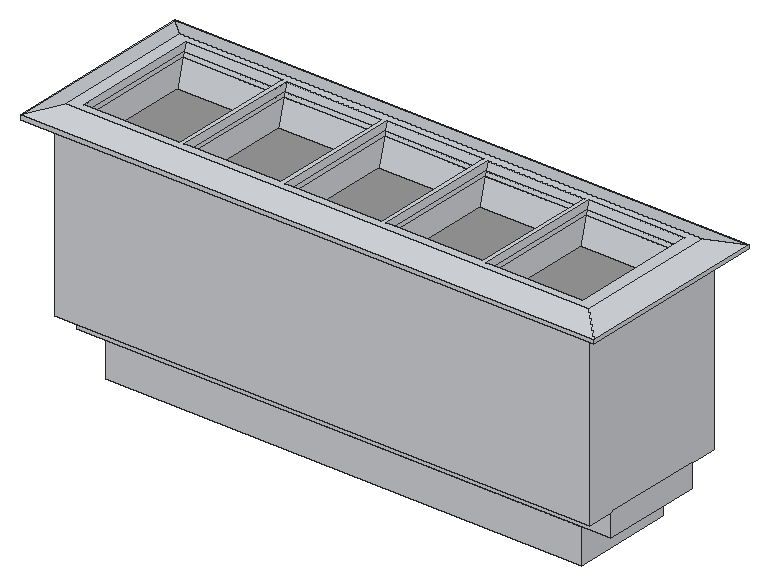
Revit family "2061423 Sylvania Lighting Fixture DOMINO 5xLED 930 BLACK MB TRIM BLACK DALI", category Lighting Fixtures, host Face, Revit 2018
Family settings
  Host = Face
  Round Connector Dimension = Use Diameter
  Part Type = Normal
  OmniClass Number = 23.80.70.00
  OmniClass Title = Lighting
  Cut with Voids When Loaded = No
  Light Source = Yes
  Shared = No
  Room Calculation Point = No
Parameters (values of type "2061423 DOMINO 5XLED 930 BLACK MB TR BLK DALI")
  top top width = 15.812 mm
  top top length = 123 mm
  Width = 50 mm
  Weight = "n/a"
  Wattage Comments = ""
  Wattage = 9.2903 W
  WarrantyStartDate [instance] = "n/a"
  WarrantyGuarantorParts = "n/a"
  WarrantyDurationUnit = "n/a"
  WarrantyDurationParts = ""
  WarrantyDescription = "http://www.sylvania-lighting.com"
  built-in parameter 1150110 = 1 (stored number, unit not read)
  Voltage = 0 V
  URL = "0.96"
  TypeName = "DOMINO 5xLED 930 BLACK MB TRIM BLACK DALI"
  Type Image = <None>
  Type Comments = "n/a"
  built-in parameter 1114217 = 1 (stored number, unit not read)
  Top Width = 26 mm
  Tilt Angle = 90.00°
  built-in parameter 1150109 = 1 (stored number, unit not read)
  built-in parameter 1150134 = 3
  built-in parameter 1150113 = 1 (stored number, unit not read)
  SerialNumber [instance] = "n/a"
  Recessed Width = 43 mm
  Recessed Length = 143 mm
  Photometric Web File = "2061423.ies"
  Material_3_FEILO = none
  PowerFactor = 0
  PowerConsumption = "Lighting"
  NominalLength = 50 mm
  NominalHeight = 0 mm
  NominalDepth = 0 mm
  Name = "DOMINO 5xLED 930 BLACK MB TRIM BLACK DALI"
  ModelReference = Name  # "DOMINO 5xLED 930 BLACK MB TRIM BLACK DALI"
  ModelNumber = "2061423"
  Model = Name  # "DOMINO 5xLED 930 BLACK MB TRIM BLACK DALI"
  Material = "Feilo Sylvania"
  ManufacturerName = "58 lm/W"
  Manufacturer = ""
  LuminousEfficacy = ""
  built-in parameter 1150105 = 109.82 (stored number, unit not read)
  Lumens = 1380 lm
  LuminaireType = "0"
  built-in parameter 1150115 = 1 (stored number, unit not read)
  LightOutputRatio = "LED"
  built-in parameter 1150137 = (empty or 0)
  built-in parameter 1150139 = (empty or 0)
  Lens inside recess = 25 mm
  Lens Width = 32 mm
  Lens Outside recess = 31.978 mm
  Lens = Glass, White, High Luminance
  Length = 148 mm
  LampsType = Lamp  # "n/a"
  LampNominalLuminous = "3000 K"
  LampMacAdamStep = "90"
  LampColourTemperature = "LED"
  LampColourRenderingIndex = "16500"
  built-in parameter 1150112 = 1 (stored number, unit not read)
  built-in parameter 1150114 = 1 (stored number, unit not read)
  Lamp = "n/a"
  Keynote = "n/a"
  InstallationDate [instance] = "n/a"
  InputVoltage = "0"
  InputNominalFrequency = "3000"
  built-in parameter 1150132 = (empty or 0)
  built-in parameter 1150102 = (empty or 0)
  built-in parameter 1150107 = 3200 (stored number, unit not read)
  built-in parameter 1150138 = (empty or 0)
  IngressProtection = "IfcLightFixtureType"
  ImpactProtectionIndex = "IfcLightFixtureType"
  built-in parameter 1150106 = 1.0982 (stored number, unit not read)
  IfcExportType = "IfcLightFixtureType"
  IfcExportAs = "Class II"
  Facia internal width = 37 mm
  Facia internal length = 135 mm
  Facia Height = 2 mm
  ExpectedLife = 50000
  Emit from Circle Diameter = 609.6 mm
  Emit Shape Visible in Rendering = no
  ElectricShockClassification = "58"
  built-in parameter 1150104 = 13.8 (stored number, unit not read)
  DurationUnit = "hours"
  DocumentationLiterature = "http://www.sylvania-lighting.com/product/en-int/products/2061423"
  DimmingControlOptions = "n/a"
  Material_2_FEILO = none
  Dimming Lamp Color Temperature Shift = <None>
  Description = "Modular LED recessed linear spotlight, ideal for retail and hospitality applications. Die-cast aluminium body, passive cooling. Two levels of reflector installation, low glaring UGR<16. 5x LED source, 30° beam angle , optics: PMMA lens and polycarbonate reflector combination, Black matt reflector finish. Light color temperature: 3000K warm white, total system power: 13W , total fixture lumen output: 750lm, efficacy: 58 lm/W, Ra90 typical, LED chromacity: 3 step MacAdam ellipse (SDCM3), lifespan: 96,000 hours at 90% of the original output (L90B10), IR/UV free light source without heat radiation, operating voltage: 220-240V / 50-60Hz, electronic driver, ultra low flicker, DALI , electrical protection: Class II. Degree of Protection: IP40/IP20, suitable for indoor environment only. Ceiling cut-out: 43x43mm, outer dimensions:  150x50mm trim frame RAL 9005 - Jet black color.5 years Warranty."
  Default Elevation = 1219.2 mm
  CreatedOn = "10/02/2021"
  CreatedBy = "@sylvania-lighting.com"
  Cost = 0
  Color Filter = 16777215
  built-in parameter 1114216 [instance] = (empty or 0)
  ClassificationValue = "EF_70_80"
  ClassificationName = "Uniclass2015"
  Material_1_FEILO = none
  Body Width = 40 mm
  Body Length = 138 mm
  BarCode [instance] = "n/a"
  built-in parameter 1114218 = 1 (stored number, unit not read)
  built-in parameter 1150133 = 10 (stored number, unit not read)
  AssetType = "Fixed"
  AssetIdentifier [instance] = "n/a"
  Assembly Code = "D5020200"
  Apparent Load = 13 VA
  Material_4_FEILO = none
Reference planes
  plane 1 "Center (Front/Back)": y = 0
  plane 2: z = 0
  plane 3 "Center (Left/Right)": x = 0
  plane 4: z = 0
  plane 5: z = -7
  plane 6: z = -45.895
  plane 7: z = -51.895
  plane 8: z = -60.895
  plane 9: x = -71.5
  plane 10: x = 71.5
  plane 11: y = 21.5
  plane 12: y = -21.5
  plane 13: x = -74
  plane 14: x = 74
  plane 15: y = 25
  plane 16: y = -25
  plane 17: x = 67.5
  plane 18: x = -67.5
  plane 19: y = 18.5
  plane 20: y = -18.5
  plane 21: z = 2
  plane 22: x = -69
  plane 23: x = 69
  plane 24: y = 20
  plane 25: y = -20
  plane 26: y = 13
  plane 27: y = -13
  plane 28: x = 61.5
  plane 29: x = -61.5
  plane 30: x = -65.5
  plane 31: y = 16.5
  plane 32: y = -16.472
  plane 33: x = -40.5
  plane 34: x = -41
  plane 35: x = -65
  plane 36: y = 13
  plane 37: y = -12.972
  plane 38: x = -39.5
  plane 39: x = -14.48
  plane 40: x = -13.48
  plane 41: x = 11.52
  plane 42: x = 12.52
  plane 43: x = 37.52
  plane 44: x = 38.52
  plane 45: x = 64.5
Forms (mm)
  Extrusion 1, solid, not visible, detail levels medium+fine
    sketch origin (4.2, 0, 0) x (1, 0, 0) y (0, 1, 0)
      loop
        line (-29.2, 34.5) -> (-29.2, -34.5) -> (20.8, -34.5) -> (20.8, 34.5) -> (-29.2, 34.5)
    from 0 to 1
  Extrusion 2, solid, not visible, detail levels medium+fine
    sketch origin (4.044, 0, 0) x (1, 0, 0) y (0, 1, 0)
      loop
        line (-29.2, 34.5) -> (-29.2, -34.5) -> (20.8, -34.5) -> (20.8, 34.5) -> (-29.2, 34.5)
    from 0 to 1
  Blend 3, solid, not visible, detail levels medium+fine
    base sketch origin (4.2, 0, 0) x (1, 0, 0) y (0, 1, 0)
      loop
        line (-29.2, 34.5) -> (-29.2, -34.5) -> (20.8, -34.5) -> (20.8, 34.5) -> (-29.2, 34.5)
    top sketch origin (4.2, 0, 0) x (1, 0, 0) y (0, 1, 0)
      loop
        line (-21.7, 28) -> (-21.7, -28) -> (13.3, -28) -> (13.3, 28) -> (-21.7, 28)
    from 1 to 3
  Extrusion 4, solid, not visible, detail levels medium+fine
    sketch origin (3.419, 0, 0) x (1, 0, 0) y (0, 1, 0)
      loop
        line (-29.2, 34.5) -> (-29.2, -34.5) -> (20.8, -34.5) -> (20.8, 34.5) -> (-29.2, 34.5)
    from 0 to 1
  Blend 5, solid, not visible, detail levels medium+fine
    base sketch origin (3.575, 0, 0) x (1, 0, 0) y (0, 1, 0)
      loop
        line (-29.2, 34.5) -> (-29.2, -34.5) -> (20.8, -34.5) -> (20.8, 34.5) -> (-29.2, 34.5)
    top sketch origin (3.575, 0, 0) x (1, 0, 0) y (0, 1, 0)
      loop
        line (-21.7, 28) -> (-21.7, -28) -> (13.3, -28) -> (13.3, 28) -> (-21.7, 28)
    from 1 to 3
  Extrusion 6, solid, not visible, detail levels medium+fine
    sketch origin (4.247, 0, 0) x (1, 0, 0) y (0, 1, 0)
      loop
        line (-29.2, 34.5) -> (-29.2, -34.5) -> (20.8, -34.5) -> (20.8, 34.5) -> (-29.2, 34.5)
    from 0 to 1
  Blend 7, solid, not visible, detail levels medium+fine
    base sketch origin (4.403, 0, 0) x (1, 0, 0) y (0, 1, 0)
      loop
        line (-29.2, 34.5) -> (-29.2, -34.5) -> (20.8, -34.5) -> (20.8, 34.5) -> (-29.2, 34.5)
    top sketch origin (4.403, 0, 0) x (1, 0, 0) y (0, 1, 0)
      loop
        line (-21.7, 28) -> (-21.7, -28) -> (13.3, -28) -> (13.3, 28) -> (-21.7, 28)
    from 1 to 3
  Extrusion 8, void, detail levels medium+fine
    sketch origin (4.2, 0, 0) x (0, 1, 0) y (1, 0, 0)
      loop
        line (21.5, -75.7) -> (21.5, 67.3) -> (-21.5, 67.3) -> (-21.5, -75.7) -> (21.5, -75.7)
    from -9.934 to 83.097
  Extrusion 9, solid, detail levels medium+fine
    sketch origin (4.2, 0, 0) x (1, 0, 0) y (0, 1, 0)
      loop
        line (-78.2, 25) -> (-78.2, -25) -> (69.8, -25) -> (69.8, 25) -> (-78.2, 25)
    from 0 to 1
  Extrusion 10, solid, detail levels medium+fine
    sketch origin (4.2, 0, 0) x (1, 0, 0) y (0, 1, 0)
      loop
        line (-73.2, 20) -> (-73.2, -20) -> (64.8, -20) -> (64.8, 20) -> (-73.2, 20)
    from 0 to -45.895
  Extrusion 11, solid, detail levels medium+fine
    sketch origin (4.2, 0, 0) x (1, 0, 0) y (0, 1, 0)
      loop
        line (-73.2, 13) -> (-73.2, -13) -> (64.8, -13) -> (64.8, 13) -> (-73.2, 13)
    from -51.895 to -45.895
  Extrusion 12, solid, material "Glass, White, High Luminance" <- "Lens", detail levels fine
    sketch origin (11.874, 1219.733, 36.156) x (1, 0, 0) y (0, 1, 0)
      loop
        line (-75.883, -1206.7) -> (-75.883, -1232.733) -> (-51.887, -1232.733) -> (-51.887, -1206.7) -> (-75.883, -1206.7)
    from -43.156 to -42.182
  Blend 13, solid, detail levels medium+fine
    base sketch origin (4.2, 0, 0) x (1, 0, 0) y (0, 1, 0)
      loop
        line (-78.2, 25) -> (-78.2, -25) -> (69.8, -25) -> (69.8, 25) -> (-78.2, 25)
    top sketch origin (4.2, 0, 0) x (1, 0, 0) y (0, 1, 0)
      loop
        line (-71.7, 18.5) -> (-71.7, -18.5) -> (63.3, -18.5) -> (63.3, 18.5) -> (-71.7, 18.5)
    from 1 to 3
  Extrusion 14, solid, detail levels fine
    sketch origin (0, 0, 0) x (1, 0, 0) y (0, 0, 1)
      loop
        line (-61.5, -51.895) -> (-61.5, -60.895) -> (61.5, -60.895) -> (61.5, -51.895) -> (-61.5, -51.895)
    from -13 to 13
  Blend 15, void
    base sketch origin (5.187, 0, 0) x (0, 1, 0) y (-1, 0, 0)
      loop
        line (16.5, 69.7) -> (-16.472, 69.7) -> (-16.472, 44.7) -> (16.5, 44.7) -> (16.5, 69.7)
    top sketch origin (5.187, 0, 0) x (0, 1, 0) y (-1, 0, 0)
      loop
        line (13, 69.2) -> (-12.972, 69.2) -> (-12.972, 45.2) -> (13, 45.2) -> (13, 69.2)
    from 3 to -7
  Blend 16, void
    base sketch origin (31.202, 0, 0) x (0, 1, 0) y (-1, 0, 0)
      loop
        line (16.5, 69.7) -> (-16.472, 69.7) -> (-16.472, 44.7) -> (16.5, 44.7) -> (16.5, 69.7)
    top sketch origin (31.202, 0, 0) x (0, 1, 0) y (-1, 0, 0)
      loop
        line (13, 69.2) -> (-12.972, 69.2) -> (-12.972, 45.2) -> (13, 45.2) -> (13, 69.2)
    from 3 to -7
  Blend 17, void
    base sketch origin (57.213, -0.017, 0) x (0, 1, 0) y (-1, 0, 0)
      loop
        line (16.5, 69.7) -> (-16.472, 69.7) -> (-16.472, 44.7) -> (16.5, 44.7) -> (16.5, 69.7)
    top sketch origin (57.213, -0.017, 0) x (0, 1, 0) y (-1, 0, 0)
      loop
        line (13, 69.2) -> (-12.972, 69.2) -> (-12.972, 45.2) -> (13, 45.2) -> (13, 69.2)
    from 3 to -7
  Blend 18, void
    base sketch origin (83.222, 0, 0) x (0, 1, 0) y (-1, 0, 0)
      loop
        line (16.5, 69.7) -> (-16.472, 69.7) -> (-16.472, 44.7) -> (16.5, 44.7) -> (16.5, 69.7)
    top sketch origin (83.222, 0, 0) x (0, 1, 0) y (-1, 0, 0)
      loop
        line (13, 69.2) -> (-12.972, 69.2) -> (-12.972, 45.2) -> (13, 45.2) -> (13, 69.2)
    from 3 to -7
  Blend 19, void
    base sketch origin (109.202, 0, 0) x (0, 1, 0) y (-1, 0, 0)
      loop
        line (16.5, 69.7) -> (-16.472, 69.7) -> (-16.472, 44.7) -> (16.5, 44.7) -> (16.5, 69.7)
    top sketch origin (109.202, 0, 0) x (0, 1, 0) y (-1, 0, 0)
      loop
        line (13, 69.2) -> (-12.972, 69.2) -> (-12.972, 45.2) -> (13, 45.2) -> (13, 69.2)
    from 3 to -7
  Extrusion 20, solid, material "Glass, White, High Luminance" <- "Lens", detail levels fine
    sketch origin (37.889, 1219.733, 36.156) x (1, 0, 0) y (0, 1, 0)
      loop
        line (-75.883, -1206.7) -> (-75.883, -1232.733) -> (-51.887, -1232.733) -> (-51.887, -1206.7) -> (-75.883, -1206.7)
    from -43.156 to -42.182
  Extrusion 21, solid, material "Glass, White, High Luminance" <- "Lens", detail levels fine
    sketch origin (63.896, 1219.733, 36.156) x (1, 0, 0) y (0, 1, 0)
      loop
        line (-75.883, -1206.7) -> (-75.883, -1232.733) -> (-51.887, -1232.733) -> (-51.887, -1206.7) -> (-75.883, -1206.7)
    from -43.156 to -42.182
  Extrusion 22, solid, material "Glass, White, High Luminance" <- "Lens", detail levels fine
    sketch origin (89.905, 1219.733, 36.156) x (1, 0, 0) y (0, 1, 0)
      loop
        line (-75.883, -1206.7) -> (-75.883, -1232.733) -> (-51.887, -1232.733) -> (-51.887, -1206.7) -> (-75.883, -1206.7)
    from -43.156 to -42.182
  Extrusion 23, solid, material "Glass, White, High Luminance" <- "Lens", detail levels fine
    sketch origin (115.886, 1219.733, 36.156) x (1, 0, 0) y (0, 1, 0)
      loop
        line (-75.883, -1206.7) -> (-75.883, -1232.733) -> (-51.887, -1232.733) -> (-51.887, -1206.7) -> (-75.883, -1206.7)
    from -43.156 to -42.182
  Extrusion 24, solid, detail levels coarse
    sketch origin (4.2, 0, 0) x (1, 0, 0) y (0, 1, 0)
      loop
        line (-78.2, 25) -> (-78.2, -25) -> (69.8, -25) -> (69.8, 25) -> (-78.2, 25)
    from 3 to -60.895
Cuts and joins
  Blend 15, Blend 16, Blend 17, Blend 18, Blend 19 cuts Extrusion 9
  Blend 15, Blend 16, Blend 17, Blend 18, Blend 19 cuts Extrusion 10
  Blend 15, Blend 16, Blend 17, Blend 18, Blend 19 cuts Blend 13
Dimensions and locks
  "Recessed Length": plane 9 to plane 10
  equal spacing: plane 9, plane 3 "Center (Left/Right)", plane 10
  "Length": plane 13 to plane 14
  equal spacing: plane 13, plane 3 "Center (Left/Right)", plane 14
  "Recessed Width": plane 11 to plane 12
  equal spacing: plane 11, plane 1 "Center (Front/Back)", plane 12
  "Width": plane 15 to plane 16
  equal spacing: plane 15, plane 1 "Center (Front/Back)", plane 16
  "Facia internal length": plane 18 to plane 17
  equal spacing: plane 18, plane 3 "Center (Left/Right)", plane 17
  "Facia internal width": plane 19 to plane 20
  equal spacing: plane 19, plane 1 "Center (Front/Back)", plane 20
  "Facia Height": plane 21 to host face
  "Body Length": plane 22 to plane 23
  equal spacing: plane 22, plane 3 "Center (Left/Right)", plane 23
  "Body Width": plane 24 to plane 25
  equal spacing: plane 24, plane 1 "Center (Front/Back)", plane 25
  "Top Width": plane 26 to plane 27
  equal spacing: plane 26, plane 1 "Center (Front/Back)", plane 27
  "top top length": plane 29 to plane 28
  equal spacing: plane 29, plane 3 "Center (Left/Right)", plane 28  (x2)
  plane 28 to plane 29 = 123 mm
  equal spacing: plane 28, plane 3 "Center (Left/Right)", plane 29
  aligned and locked: plane 2 to host face
  aligned and locked: level to host face
  aligned and locked: Extrusion 11 to plane 7
  aligned and locked: Extrusion 10 to plane 6
  aligned and locked: Extrusion 12 to plane 5
Automatic sketch dimensions
  Extrusion 1 sketch curve to Extrusion 1 sketch curve = 50 mm
  Extrusion 1 sketch curve to Extrusion 1 sketch curve = 69 mm
  Extrusion 2 sketch curve to Extrusion 2 sketch curve = 50 mm
  Extrusion 2 sketch curve to Extrusion 2 sketch curve = 69 mm
  Blend 3 sketch curve to Blend 3 sketch curve = 50 mm
  Blend 3 sketch curve to Blend 3 sketch curve = 69 mm
  Blend 3 sketch curve to Blend 3 sketch curve = 35 mm
  Blend 3 sketch curve to Blend 3 sketch curve = 56 mm
  Extrusion 4 sketch curve to Extrusion 4 sketch curve = 50 mm
  Extrusion 4 sketch curve to Extrusion 4 sketch curve = 69 mm
  Blend 5 sketch curve to Blend 5 sketch curve = 50 mm
  Blend 5 sketch curve to Blend 5 sketch curve = 69 mm
  Blend 5 sketch curve to Blend 5 sketch curve = 35 mm
  Blend 5 sketch curve to Blend 5 sketch curve = 56 mm
  Extrusion 6 sketch curve to Extrusion 6 sketch curve = 50 mm
  Extrusion 6 sketch curve to Extrusion 6 sketch curve = 69 mm
  Blend 7 sketch curve to Blend 7 sketch curve = 50 mm
  Blend 7 sketch curve to Blend 7 sketch curve = 69 mm
  Blend 7 sketch curve to Blend 7 sketch curve = 35 mm
  Blend 7 sketch curve to Blend 7 sketch curve = 56 mm
  host sketch curve to host sketch curve = 2438.4 mm  (x2)
  Extrusion 8 sketch curve to plane 9 = 0 mm
  Extrusion 8 sketch curve to plane 12 = 0 mm
  Extrusion 8 sketch curve to plane 11 = 0 mm
  Extrusion 8 sketch curve to plane 10 = 0 mm
  Extrusion 9 sketch curve to plane 13 = 0 mm
  Extrusion 9 sketch curve to plane 14 = 0 mm
  Extrusion 9 sketch curve to plane 16 = 0 mm
  Extrusion 9 sketch curve to plane 15 = 0 mm
  Extrusion 10 sketch curve to plane 22 = 0 mm
  Extrusion 10 sketch curve to plane 23 = 0 mm
  Extrusion 10 sketch curve to plane 25 = 0 mm
  Extrusion 10 sketch curve to plane 24 = 0 mm
  Extrusion 11 sketch curve to plane 22 = 0 mm
  Extrusion 11 sketch curve to plane 23 = 0 mm
  Extrusion 11 sketch curve to plane 27 = 0 mm
  Extrusion 11 sketch curve to plane 26 = 0 mm
  Extrusion 12 sketch curve to plane 27 = 0 mm
  plane 35 to Extrusion 12 sketch curve = 0.991 mm
  plane 26 to Extrusion 12 sketch curve = 0.033 mm
  plane 33 to Extrusion 12 sketch curve = 0.487 mm
  Blend 13 sketch curve to plane 13 = 0 mm
  Blend 13 sketch curve to plane 14 = 0 mm
  Blend 13 sketch curve to plane 16 = 0 mm
  Blend 13 sketch curve to plane 15 = 0 mm
  Blend 13 sketch curve to plane 18 = 0 mm
  Blend 13 sketch curve to plane 17 = 0 mm
  Blend 13 sketch curve to plane 20 = 0 mm
  Blend 13 sketch curve to plane 19 = 0 mm
  Extrusion 14 sketch curve to plane 8 = 0 mm
  Extrusion 14 sketch curve to plane 29 = 0 mm
  Extrusion 14 sketch curve to plane 28 = 0 mm
  Extrusion 14 sketch curve to plane 7 = 0 mm
  Blend 15 sketch curve to plane 32 = 0 mm
  Blend 15 sketch curve to plane 31 = 0 mm
  Blend 15 sketch curve to plane 38 = 0.013 mm
  plane 35 to Blend 15 sketch curve = 0.487 mm
  Blend 15 sketch curve to plane 37 = 0 mm
  Blend 15 sketch curve to plane 26 = 0 mm
  plane 33 to Blend 15 sketch curve = 0.487 mm
  plane 35 to Blend 15 sketch curve = 0.987 mm
  Blend 16 sketch curve to plane 32 = 0 mm
  Blend 16 sketch curve to plane 31 = 0 mm
  Blend 16 sketch curve to plane 40 = 0.018 mm
  plane 38 to Blend 16 sketch curve = 1.002 mm
  Blend 16 sketch curve to plane 37 = 0 mm
  Blend 16 sketch curve to plane 26 = 0 mm
  plane 39 to Blend 16 sketch curve = 0.482 mm
  plane 38 to Blend 16 sketch curve = 1.502 mm
  Blend 17 sketch curve to plane 32 = 0.017 mm
  Blend 17 sketch curve to plane 31 = 0.017 mm
  Blend 17 sketch curve to plane 42 = 0.007 mm
  plane 40 to Blend 17 sketch curve = 0.993 mm
  plane 27 to Blend 17 sketch curve = 0.011 mm
  Blend 17 sketch curve to plane 26 = 0.017 mm
  plane 41 to Blend 17 sketch curve = 0.493 mm
  plane 40 to Blend 17 sketch curve = 1.493 mm
  plane 32 to Blend 18 sketch curve = 0 mm
  plane 31 to Blend 18 sketch curve = 0 mm
  plane 44 to Blend 18 sketch curve = 0.002 mm
  plane 42 to Blend 18 sketch curve = 1.002 mm
  plane 37 to Blend 18 sketch curve = 0 mm
  plane 26 to Blend 18 sketch curve = 0 mm
  Blend 18 sketch curve to plane 44 = 0.498 mm
  plane 42 to Blend 18 sketch curve = 1.502 mm
  Blend 19 sketch curve to plane 32 = 0 mm
  Blend 19 sketch curve to plane 31 = 0 mm
  plane 45 to Blend 19 sketch curve = 0.002 mm
  plane 44 to Blend 19 sketch curve = 0.982 mm
  Blend 19 sketch curve to plane 37 = 0 mm
  Blend 19 sketch curve to plane 26 = 0 mm
  Blend 19 sketch curve to plane 45 = 0.498 mm
  plane 44 to Blend 19 sketch curve = 1.482 mm
  Extrusion 20 sketch curve to plane 27 = 0 mm
  plane 38 to Extrusion 20 sketch curve = 1.506 mm
  plane 26 to Extrusion 20 sketch curve = 0.033 mm
  plane 39 to Extrusion 20 sketch curve = 0.482 mm
  Extrusion 21 sketch curve to plane 27 = 0 mm
  plane 40 to Extrusion 21 sketch curve = 1.493 mm
  plane 26 to Extrusion 21 sketch curve = 0.033 mm
  plane 41 to Extrusion 21 sketch curve = 0.49 mm
  Extrusion 22 sketch curve to plane 27 = 0 mm
  plane 42 to Extrusion 22 sketch curve = 1.502 mm
  plane 26 to Extrusion 22 sketch curve = 0.033 mm
  plane 43 to Extrusion 22 sketch curve = 0.498 mm
  Extrusion 23 sketch curve to plane 27 = 0 mm
  plane 44 to Extrusion 23 sketch curve = 1.482 mm
  plane 26 to Extrusion 23 sketch curve = 0.033 mm
  Extrusion 23 sketch curve to plane 45 = 0.501 mm
  Extrusion 24 sketch curve to plane 13 = 0 mm
  Extrusion 24 sketch curve to plane 14 = 0 mm
  Extrusion 24 sketch curve to plane 16 = 0 mm
  Extrusion 24 sketch curve to plane 15 = 0 mm
Connectors
  electrical at (0, 0, -60.895)
    settings: on Extrusion 14, index 1, voltage 0 V, apparent load 0 VA, apparent load phase1 0 VA, apparent load phase2 0 VA, apparent load phase3 0 VA, power factor 1, load classification "Other", number of poles 1, system type 31, power factor state 1, is connector primary yes, connector utility no, sub classification motor no, connector description ""
